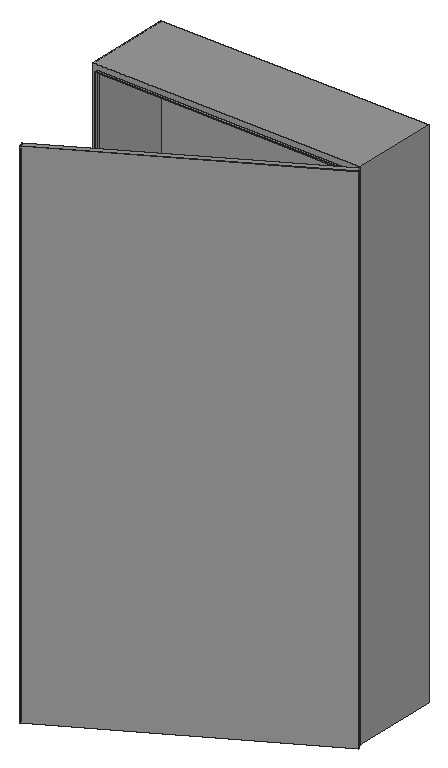
Revit family "Hager-Univers-IP55-D275-H1550-Cl.I-Steel_encl-NoHosted-NL-en", category Equipement électrique, Revit 2020
Family settings
  Configuration du panneau = Deux colonnes, circuits au sein
  Cote de connecteur circulaire = Utiliser le diamètre
  Type d'élément = Tableau de raccordement
  Basée sur le plan de construction = Oui
  Toujours verticalement = Oui
  Couper avec des vides une fois chargée = Non
  Partagée = Non
  Point de calcul de pièce = Non
Parameters (values of type "Surface mounted (plaster) IP55 W800 H1550 D275  - FR03E")
  Width Control [instance] = if([EF000008 - Width] > Min Width, [EF000008 - Width], Min Width)  # 800 mm
  Commentaires du type = [HG000003 - Range]  # "Univers"
  Thickness Door [instance] = if([EF009171 - Material plate thickness door/cover] > 3 mm, 3 mm, [EF009171 - Material plate thickness door/cover])  # 1.5 mm
  Seal Frame Offset [instance] = 17 mm  # constant formula
  Plinth Visibility [instance] = [HG000027 - Plinth height] > 0 mm  # no
  Min Width [instance] = 100 mm  # constant formula
  Min Depth [instance] = (2 * [EF009170 - Material plate thickness cabinet]) + 1 mm  # 4 mm
  Min Height [instance] = 100 mm  # constant formula
  Internal Frame Depth [instance] = (Door System Depth * 0.5)  # 9 mm
  Panel Name [instance] = ""  # (empty or 0)
  Model = ""
  HG000027 - Plinth height = 0 mm
  HG000026 - Floor standing = no
  HG000024 - Bottom section height = 600 mm
  HG000023 - Double section enclosure = no
  HG000016 - Door 3d visibility [instance] = yes
  HG000015 - Clearance visibility [instance] = no
  HG000014 - Door on the right [instance] = yes
  HG000013 - Door on the left [instance] = not([HG000014 - Door on the right])  # no
  HG000012 - Door swing angle [instance] = 30.00°
  HG000010 - Asymmetric doors = no
  HG000009 - Double swing door = no
  HG000006 - Flush mounted = no
  HG000004 - Manufacturer reference = "FR03E"
  HG000003 - Range = "Univers"
  HG000002 - With door or cover = yes
  Frame Offset Bottom [instance] = 10 mm  # constant formula
  Frame Offset [instance] = 15 mm  # constant formula
  EF015940 - Cover with overpressure release = no
  EF011959 - Degree of protection (NEMA) = ""
  EF009554 - Number of openings for flange plates = 6
  EF009212 - Cover model = "EV000116 - Closed"
  EF009171 - Material plate thickness door/cover = 1.5 mm
  EF009170 - Material plate thickness cabinet = 1.5 mm
  EF008873 - Nominal current (In) = 800 A
  EF007800 - Suitable for lightning protection = no
  EF006306 - With lock = no
  EF006244 - Transparent cover/door = no
  EF005474 - Degree of protection (IP) = "EV006420 - IP55"
  EF004464 - Type of door = "EV002646 - Single"
  EF004427 - Number of modules = 360
  EF004293 - Impact strength = "EV008784 - IK10"
  EF003532 - Suitable for outdoor use = no
  EF002950 - Width in number of modular spacings = 24
  EF001613 - Circuit integrity = "EV000494 - None"
  EF001596 - Material housing = "EV000179 - Steel"
  EF001131 - Internal depth = 275 mm
  EF001088 - Extension possible = yes
  EF000437 - Number of conduit inlets = 6
  EF000339 - Type of cover = "EV004216 - Door"
  EF000266 - Number of rows = 10
  EF000218 - Built-in depth = 0 mm
  EF000118 - With mounting plate = no
  EF000116 - RAL-number = "7035"
  EF000049 - Depth = 275 mm
  EF000040 - Height = 1550 mm
  EF000008 - Width = 800 mm
  EF000007 - Colour = "EV000270 - Grey"
  EF000003 - Mounting method = "EV000384 - Surface mounted (plaster)"
  Door System Leaf Tolerance [instance] = 1.5 mm  # constant formula
  Door System Depth [instance] = 18 mm  # constant formula
  Door Height [instance] = Height Control - [HG000027 - Plinth height]  # 1550 mm
  Description = ""
  Default Elevation = 1219.2 mm
  Connector Offset [instance] = Height Control / 2  # 775 mm
  Fabricant = "Hager"  # constant formula
  Height Control [instance] = if([EF000040 - Height] > Min Height, [EF000040 - Height], Min Height)  # 1550 mm
  Depth Control [instance] = if([EF000049 - Depth] > Min Depth, [EF000049 - Depth], Min Depth)  # 275 mm
  Bottom Top Plate Trim [instance] = 1.5 mm  # constant formula
  Plinth height Ctrl [instance] = if([HG000027 - Plinth height] > 0 mm, [HG000027 - Plinth height], 12 mm)  # 12 mm
Types (5, lengths in mm): name | Width Control | HG000010 - Asymmetric doors | HG000009 - Double swing door | HG000004 - Manufacturer reference | EF009554 - Number of openings for flange plates | EF004464 - Type of door | EF004427 - Number of modules | EF000437 - Number of conduit inlets | EF000008 - Width
  Surface mounted (plaster) IP55 W1050 H1550 D275  - FR04E | 1050 | no | yes | "FR04E" | 8 | "EV003602 - Double" | 480 | 8 | 1050
  Surface mounted (plaster) IP55 W1300 H1550 D275  - FR05E | 1300 | yes | yes | "FR05E" | 10 | "EV003602 - Double" | 600 | 10 | 1300
  Surface mounted (plaster) IP55 W300 H1550 D275  - FR01E | 300 | no | no | "FR01E" | 2 | "EV002646 - Single" | 120 | 2 | 300
  Surface mounted (plaster) IP55 W550 H1550 D275  - FR02E | 550 | no | no | "FR02E" | 4 | "EV002646 - Single" | 240 | 4 | 550
  Surface mounted (plaster) IP55 W800 H1550 D275  - FR03E | 800 | no | no | "FR03E" | 6 | "EV002646 - Single" | 360 | 6 | 800
Reference planes
  plane 1 "Center (Front/Back)": y = 0
  plane 2: z = 0
  plane 3 "Center (Left/Right)": x = 0
  plane 4: y = 0
  plane 5: y = 0
  plane 6: z = 0
  plane 7: x = -400
  plane 8: x = 400
  plane 9: x = 398.5
  plane 10: x = -398.5
  plane 11: z = 0
  plane 12: z = 1.5
  plane 13: y = -275
  plane 14: y = -1.5
  plane 15: x = 0
  plane 16: y = -257
  plane 17: y = -273.5
  plane 18: y = -255.5
  plane 19: x = -383.5
  plane 20: x = 383.5
  plane 21: z = 11.5
  plane 22: x = -383
  plane 23: x = 383
  plane 24: z = 0
  plane 25: z = 1550
  plane 26: z = 1550
  plane 27: z = 1533.5
  plane 28: z = 1548.5
Forms (mm)
  Extrusion 1, solid, material "Hager_Steel_RAL7035_Light_Grey", detail levels medium+fine
    sketch origin (-208.679, -4572, 0) x (-1, 0, 0) y (0, -1, 0)
      loop
        line (191.321, -4315) -> (-608.679, -4315) -> (-608.679, -4572) -> (191.321, -4572) -> (191.321, -4315)
    from 0 to 1550
  Extrusion 2, void
    sketch origin (-350.771, -275, 1219.2) x (1, 0, 0) y (0, 0, 1)
      loop
        line (-47.729, 329.3) -> (-47.729, -1217.7) -> (749.271, -1217.7) -> (749.271, 329.3) -> (-47.729, 329.3)
    from -19.5 to -273.5
  Extrusion 3, void
    sketch origin (-290.084, -257, 1219.2) x (1, 0, 0) y (0, 0, 1)
      loop
        line (-93.416, -1207.7) -> (673.584, -1207.7) -> (673.584, 314.3) -> (-93.416, 314.3) -> (-93.416, -1207.7)
    from 0 to -1.5
  Extrusion 4, solid, material "Hager_Steel_RAL7035_Light_Grey", visible <- "Plinth Visibility", detail levels medium+fine
    sketch origin (0, 0, 0) x (1, 0, 0) y (0, 1, 0)
      loop
        line (-400, 0) -> (-400, -257) -> (400, -257) -> (400, 0) -> (-400, 0)
    from 0 to 12 <- "Plinth height Ctrl"
  Extrusion 5, solid, material "Hager_Steel_RAL7035_Light_Grey", detail levels coarse
    sketch origin (0, 0, 0) x (1, 0, 0) y (0, 1, 0)
      loop
        line (-400, 0) -> (-400, -275) -> (400, -275) -> (400, 0) -> (-400, 0)
    from 0 to 1550 <- "Height Control"
  Sweep 6, void
    path in 3D
      loop
        line (-400, -257, 12) -> (400, -257, 12) -> (400, 0, 12) -> (-400, 0, 12) -> (-400, -257, 12)
    profile origin (-400, -128.5, 12) x (1, 0, 0) y (0, 0, 1)
      loop
        line (0, 0) -> (0, -1.5) -> (1.5, -1.5)
        arc (1.5, -1.5) -> (1.061, -0.439) -> (0, 0) r 1.5
  Extrusion 7, solid, material "Hager_Steel_RAL7035_Light_Grey", detail levels fine
    sketch origin (-400, -257, 0) x (1, 0, 0) y (0, 0, 1)
      loop
        line (16.5, 11.5) -> (783.5, 11.5) -> (783.5, 1533.5) -> (16.5, 1533.5) -> (16.5, 11.5)
      loop
        line (15, 10) -> (785, 10) -> (785, 1535) -> (15, 1535) -> (15, 10)
    from 0 to 9 <- "Internal Frame Depth"
Cuts and joins
  Extrusion 2, Extrusion 3 cuts Extrusion 1
  Sweep 6 cuts Extrusion 4
Lines and regions (mm)
  Masking region 1
    outline origin (0, 0, 0) x (1, 0, 0) y (0, 1, 0)
      loop
        line (-400, 0) -> (-400, -275) -> (400, -275) -> (400, 0) -> (-400, 0)
  Masking region 2, detail levels coarse
    outline origin (-290.084, -257, 1219.2) x (-1, 0, 0) y (0, 0, 1)
      loop
        line (-690.084, -1219.2) -> (109.916, -1219.2) -> (109.916, 330.8) -> (-690.084, 330.8) -> (-690.084, -1219.2)
  Masking region 3, detail levels coarse
    outline origin (0, 0, 0) x (0, 1, 0) y (0, 0, 1)
      loop
        line (0, 0) -> (0, 1550) -> (-275, 1550) -> (-275, 0) -> (0, 0)
  Masking region 4, visible <- "Plinth Visibility", detail levels medium+fine
    outline origin (0, 0, 0) x (0, 1, 0) y (0, 0, 1)
      loop
        line (-1.5, 12) -> (-255.5, 12)
        arc (-255.5, 12) -> (-255.939, 10.939) -> (-257, 10.5) r 1.5
        line (-257, 10.5) -> (-257, 0) -> (0, 0) -> (0, 10.5)
        arc (0, 10.5) -> (-1.061, 10.939) -> (-1.5, 12) r 1.5
  Masking region 5, detail levels medium+fine
    outline origin (0, 0, 594.038) x (0, 1, 0) y (0, 0, 1)
      loop
        line (0, -594.038) -> (0, 955.962) -> (-257, 955.962) -> (-257, -594.038) -> (0, -594.038)
  Masking region 6, detail levels medium+fine
    outline origin (-359.7, -257, 1211.883) x (-1, 0, 0) y (0, 0, 1)
      loop
        line (-759.7, -1211.883) -> (40.3, -1211.883) -> (40.3, 338.117) -> (-759.7, 338.117) -> (-759.7, -1211.883)
  Masking region 7, visible <- "Plinth Visibility", detail levels medium+fine
    outline origin (-320.334, -257, 1041.368) x (-1, 0, 0) y (0, 0, 1)
      loop
        line (-720.334, -1041.368) -> (79.666, -1041.368) -> (79.666, -1030.868)
        arc (79.666, -1030.868) -> (78.606, -1030.429) -> (78.166, -1029.368) r 1.5
        line (78.166, -1029.368) -> (-718.834, -1029.368)
        arc (-718.834, -1029.368) -> (-719.273, -1030.429) -> (-720.334, -1030.868) r 1.5
        line (-720.334, -1030.868) -> (-720.334, -1041.368)
  sketch lines
    curve 1: line (-400, 0, 12) -> (-400, -257, 12)
    curve 2: line (-400, -257, 12) -> (400, -257, 12)
    curve 3: line (400, 0, 12) -> (-400, 0, 12)
    curve 4: line (400, -257, 12) -> (400, 0, 12)
Dimensions and locks
  locked: plane 1 "Center (Front/Back)" to plane 5
  "EF009170 - Material plate thickness cabinet": plane 7 to plane 10
  "EF009170 - Material plate thickness cabinet": plane 8 to plane 9
  equal spacing: plane 7, plane 3 "Center (Left/Right)", plane 8
  "Width Control": plane 7 to plane 8
  "Depth Control": plane 4 to plane 13
  "EF009170 - Material plate thickness cabinet": plane 4 to plane 14
  "Height Control": plane 25 to level
  "HG000027 - Plinth height": plane 11 to level
  "EF009170 - Material plate thickness cabinet": plane 12 to plane 11
  "EF009170 - Material plate thickness cabinet": plane 17 to plane 13
  "EF009170 - Material plate thickness cabinet": plane 18 to plane 16
  "Frame Offset Bottom": plane 21 to plane 12
  "Frame Offset": plane 10 to plane 19
  "Frame Offset": plane 9 to plane 20
  "Door System Depth": plane 16 to plane 13
  "Seal Frame Offset": plane 7 to plane 22
  "Seal Frame Offset": plane 8 to plane 23
  "EF009170 - Material plate thickness cabinet": plane 26 to plane 28
  "Frame Offset": plane 28 to plane 27
  "Connector Offset": plane 2 to connector elem
  "Bottom Top Plate Trim": profile plane to Sweep 6 sketch curve
  "Bottom Top Plate Trim": Sweep 6 sketch curve to Sweep 6 sketch curve
  "Plinth height Ctrl": Masking region 4 sketch curve to level
  "Plinth height Ctrl": Masking region 7 sketch curve to level
  "Thickness Door": Extrusion 7 sketch curve to Extrusion 7 sketch curve  (x4)
  "Bottom Top Plate Trim": radius of Sweep 6 sketch curve
  "Bottom Top Plate Trim": radius of Masking region 4 sketch curve  (x2)
  "Bottom Top Plate Trim": radius of Masking region 7 sketch curve  (x2)
  aligned and locked: Extrusion 2 sketch curve to plane 12
  aligned and locked: Extrusion 2 sketch curve to plane 9
  aligned and locked: Extrusion 2 sketch curve to plane 10
  aligned and locked: Extrusion 2 to plane 14
  aligned and locked: Extrusion 1 sketch curve to plane 4
  aligned and locked: plane 8 to Extrusion 1 sketch curve
  aligned and locked: plane 7 to Extrusion 1 sketch curve
  aligned and locked: Extrusion 2 to plane 18
  aligned and locked: Extrusion 3 sketch curve to plane 19
  aligned and locked: plane 20 to Extrusion 3 sketch curve
  aligned and locked: Extrusion 3 to Extrusion 2
  aligned and locked: Extrusion 3 sketch curve to plane 21
  aligned and locked: plane 3 "Center (Left/Right)" to nested 1
  aligned and locked: Extrusion 1 sketch curve to plane 16
  aligned and locked: Extrusion 4 sketch curve to cut or joined group of Extrusion 1, Extrusion 2, Extrusion 3
  aligned and locked: Masking region 1 sketch curve to plane 7
  aligned and locked: Masking region 1 sketch curve to plane 5
  aligned and locked: Masking region 1 sketch curve to plane 8
  aligned and locked: Masking region 2 sketch curve to level
  aligned and locked: level to Masking region 3 sketch curve
  aligned and locked: plane 1 "Center (Front/Back)" to Masking region 3 sketch curve
  aligned and locked: plane 13 to Masking region 3 sketch curve
  aligned and locked: plane 5 to Masking region 4 sketch curve
  aligned and locked: Masking region 2 sketch curve to plane 8
  aligned and locked: Masking region 2 sketch curve to plane 7
  aligned and locked: plane 7 to nested 2
  aligned and locked: nested 2 to plane 5
  aligned and locked: plane 5 to Masking region 5 sketch curve
  aligned and locked: plane 26 to Masking region 5 sketch curve
  aligned and locked: Extrusion 5 sketch curve to plane 8
  aligned and locked: Extrusion 5 sketch curve to plane 7
  aligned and locked: Extrusion 5 sketch curve to plane 5
  aligned and locked: Extrusion 3 sketch curve to plane 27
  aligned and locked: Extrusion 2 sketch curve to plane 28
  aligned and locked: Masking region 2 to plane 25
  aligned and locked: Extrusion 4 to plane 16
  aligned and locked: profile plane to Sweep 6 sketch curve
  aligned and locked: Masking region 5 sketch curve to plane 24
  aligned and locked: level to Masking region 4 sketch curve
  aligned and locked: Masking region 1 to plane 13
  aligned and locked: nested 1 to plane 16
  aligned and locked: Masking region 3 to plane 25
  aligned and locked: plane 16 to Masking region 4 sketch curve
  aligned and locked: Masking region 5 sketch curve to plane 16
  aligned and locked: plane 24 to plane 11
  aligned and locked: plane 26 to plane 25
  aligned and locked: plane 26 to cut or joined group of Extrusion 1, Extrusion 2, Extrusion 3
  aligned and locked: nested 1 to plane 24
  aligned and locked: Extrusion 1 to Extrusion 3
  aligned and locked: Masking region 6 sketch curve to plane 8
  aligned and locked: Masking region 6 sketch curve to plane 24
  aligned and locked: Masking region 6 sketch curve to plane 7
  aligned and locked: Masking region 6 sketch curve to plane 26
  aligned and locked: Masking region 7 sketch curve to plane 7
  aligned and locked: level to Masking region 7 sketch curve
  aligned and locked: Masking region 7 sketch curve to plane 8
  aligned and locked: Extrusion 7 sketch curve to cut or joined group of Extrusion 1, Extrusion 2, Extrusion 3  (x4)
Automatic sketch dimensions
  plane 19 to Extrusion 3 sketch curve = 0 mm
  Extrusion 3 sketch curve to plane 20 = 0 mm
  Extrusion 3 sketch curve to plane 21 = 0 mm
  Extrusion 4 sketch curve to plane 7 = 0 mm
  Extrusion 4 sketch curve to plane 8 = 0 mm
  Extrusion 4 sketch curve to plane 16 = 0 mm
  Masking region 1 sketch curve to plane 13 = 0 mm
  Masking region 2 sketch curve to plane 25 = 0 mm
  Masking region 3 sketch curve to plane 25 = 0 mm
  Extrusion 5 sketch curve to plane 13 = 0 mm
  profile plane to Sweep 6 sketch curve = 0 mm
Nested families
  nested 1: "EC000058_Univers_Door" at (0, -257, 0), Double <- "HG000009 - Double swing door", Transparent <- "EF006244 - Transparent cover/door", Angle <- "HG000012 - Door swing angle", Door_Right <- "HG000014 - Door on the right", Assymetrical <- "HG000010 - Asymmetric doors", Door <- "HG000002 - With door or cover", Width_Ctrl <- "Width Control", 3d_Door <- "HG000016 - Door 3d visibility", Clearance <- "HG000015 - Clearance visibility", Door_Left <- "HG000013 - Door on the left", Width <- "Width Control", Door_Depth <- "Door System Depth", Leaf_Tolerance <- "Door System Leaf Tolerance", Height <- "Door Height", Lock_Visibility <- "EF006306 - With lock", Thickness <- "Thickness Door", type "EC000058_Univers_Door", detail levels medium+fine
    with min_wh 4 mm, Width_Ctrl 800 mm, Width 800 mm, Transparent no, Thickness 1.5 mm, Seal_Material Hager_Rubber, Lock_Visibility no, Lock_Material Hager_Plastic_RAL9005_Jet_Black, Leaf_Width 800 mm, Leaf_Tolerance_External_Sides 0 mm, Leaf_Tolerance 1.5 mm, Leaf_Offset 0 mm, Leaf_Height 1547 mm, Leaf_2_Width 800 mm, Leaf_2_Offset 400 mm, Leaf_1_Width 800 mm, Leaf_1_Offset 400 mm, Height_Ctrl 1550 mm, Height 1550 mm, Glass_Material Hager_Glass, Double_Clearance_Ctrl no, Double no, Door_Right_Ctrl yes, Door_Right yes, Door_Material Hager_Steel_RAL7035_Light_Grey, Door_Left_Ctrl no, Door_Left no, Door_Depth 18 mm, Door yes, Clearance_Material Hager_Clearance, Clearance_Depth 800 mm, Clearance_Ctrl no, Clearance no, Assymetrical no, Angle 30.00°, 3d_Door yes
  nested 2: "Hager_Enclosure_Symbol" at (-400, 0, 0), Height <- "Depth Control", Width <- "Width Control", type "Hager_Enclosure_Symbol"
    with Width_Ctrl 800 mm, Width 800 mm, Height_Ctrl 275 mm, Height 275 mm, A_Width_Int 18.047 mm, A_Width 216.562 mm, A_Height_Ctrl 240.625 mm, A_Height 240.625 mm
Connectors
  electrical at (0, 0, 775)
    settings: on plane 1 "Center (Front/Back)", index 1, voltage 0 V, apparent load 0 VA, apparent load phase1 0 VA, apparent load phase2 0 VA, apparent load phase3 0 VA, power factor 1, load classification "Other", number of poles 1, system type 30, power factor state 1, is connector primary yes, connector utility no, sub classification motor no, connector description ""
Definition of nested family "EC000058_Univers_Door"
  Parameters (values of type "EC000058_Univers_Door")
    min_wh [instance] = (2 * Thickness) + 1 mm  # 11 mm
    Width_Ctrl [instance] = 400 mm
    Width [instance] = 500 mm
    Transparent [instance] = yes
    Thickness [instance] = 5 mm
    Seal_Material [instance] = none
    Lock_Visibility [instance] = yes
    Lock_Material [instance] = none
    Leaf_Width [instance] = if((Width_Ctrl - 2 * Leaf_Tolerance_External_Sides) > 0 mm, (Width_Ctrl - 2 * Leaf_Tolerance_External_Sides), min_wh)  # 400 mm
    Leaf_Tolerance_External_Sides [instance] = 0 mm  # constant formula
    Leaf_Tolerance [instance] = 1.5 mm
    Leaf_Offset [instance] = 0 mm  # constant formula
    Leaf_Height [instance] = if((Height_Ctrl - 2 * Leaf_Tolerance) > 0 mm, (Height_Ctrl - 2 * Leaf_Tolerance), min_wh)  # 497 mm
    Leaf_2_Width [instance] = if(and(and(Double, Assymetrical), Door_Left), (Leaf_Width / 3) - (Leaf_Tolerance / 2), if(and(and(Double, Assymetrical), Door_Right), (Leaf_Width / 3) * 2 - (Leaf_Tolerance / 2), if(and(Double, not(Assymetrical)), (Leaf_Width / 2) - Leaf_Tolerance, Leaf_Width)))  # 400 mm
    Leaf_2_Offset [instance] = if(and(Double, Assymetrical), Leaf_2_Width / 2, if(and(Double, not(Assymetrical)), Leaf_Width / 4, Leaf_Width / 2))  # 200 mm
    Leaf_1_Width [instance] = if(and(and(Double, Assymetrical), Door_Right), (Leaf_Width / 3) - (Leaf_Tolerance / 2), if(and(and(Double, Assymetrical), Door_Left), (Width / 3) * 2 - (Leaf_Tolerance / 2), if(and(Double, not(Assymetrical)), (Leaf_Width / 2) - Leaf_Tolerance, Leaf_Width)))  # 400 mm
    Leaf_1_Offset [instance] = if(and(Double, Assymetrical), Leaf_1_Width / 2, if(and(Double, not(Assymetrical)), Leaf_Width / 4, Leaf_Width / 2))  # 200 mm
    Height_Ctrl [instance] = if(Height > min_wh, Height, min_wh)  # 500 mm
    Height [instance] = 500 mm
    Glass_Material [instance] = none
    Double_Clearance_Ctrl [instance] = and(Double, Clearance)  # no
    Double [instance] = no
    Door_Right_Ctrl [instance] = and(or(Door_Right, Double), Door)  # yes
    Door_Right [instance] = yes
    Door_Material [instance] = none
    Door_Left_Ctrl [instance] = and(or(Door_Left, Double), Door)  # no
    Door_Left [instance] = no
    Door_Depth [instance] = 30 mm
    Door [instance] = yes
    Default Elevation = 1219.2 mm
    Clearance_Material [instance] = none
    Clearance_Depth [instance] = if(Leaf_1_Width > Leaf_2_Width, Leaf_1_Width, Leaf_2_Width)  # 400 mm
    Clearance_Ctrl [instance] = and(not(Double), Clearance)  # yes
    Clearance [instance] = yes
    Assymetrical [instance] = yes
    Angle [instance] = 30.00°
    3d_Door [instance] = yes
  Reference planes
    plane 1 "Center (Front/Back)": y = 0
    plane 2 "Bottom": z = 0
    plane 3 "Center (Left/Right)": x = 0
    plane 4: z = 500
    plane 5: x = -200
    plane 6: x = 200
    plane 7: z = 500
    plane 8: x = -200
    plane 9: z = 0
    plane 10: x = 200
    plane 11: y = 0
    plane 12: z = 1.5
    plane 13: x = -600
    plane 14: y = -400
    plane 15: x = 600
    plane 16: x = 0
    plane 17: x = 0
    plane 18: x = -200
    plane 19: x = 200
    plane 20: z = 498.5
  Forms (mm)
    Extrusion 1, solid, material <- "Clearance_Material", visible <- "Double_Clearance_Ctrl"
      sketch origin (1200, 0, 0) x (1, 0, 0) y (0, 0, -1)
        loop
          line (-1800, -498.5) -> (-600, -498.5) -> (-600, 0) -> (-1800, 0) -> (-1800, -498.5)
      from 0 to -400
  Dimensions and locks
    equal spacing: plane 5, plane 3 "Center (Left/Right)", plane 6
    "Width_Ctrl": plane 5 to plane 6
    "Leaf_Offset": plane 5 to plane 8
    "Leaf_Offset": plane 6 to plane 10
    "Leaf_Offset": plane 9 to level
    "Leaf_Offset": plane 4 to plane 7
    "Height_Ctrl": plane 4 to level
    "Leaf_Tolerance": plane 12 to plane 9
    locked: plane 11 to plane 1 "Center (Front/Back)"
    "Leaf_1_Offset": plane 18 to plane 16
    "Leaf_2_Offset": plane 17 to plane 19
    "Leaf_1_Width": plane 13 to plane 8
    "Leaf_2_Width": plane 10 to plane 15
    "Clearance_Depth": plane 14 to plane 1 "Center (Front/Back)"
    "Leaf_Tolerance_External_Sides": plane 8 to plane 18
    "Leaf_Tolerance_External_Sides": plane 19 to plane 10
    "Leaf_Tolerance": plane 7 to plane 20
    aligned and locked: level to plane 2 "Bottom"
    aligned and locked: nested 1 to plane 16
    aligned and locked: nested 2 to plane 17
    aligned and locked: Extrusion 1 to plane 13
    aligned and locked: plane 15 to Extrusion 1
    aligned and locked: Extrusion 1 to plane 14
    aligned and locked: plane 12 to nested 1
    aligned and locked: nested 2 to plane 12
    aligned and locked: Extrusion 1 to plane 11
    aligned and locked: plane 20 to Extrusion 1
    aligned and locked: nested 2 to plane 11
    aligned and locked: nested 1 to plane 11
  Automatic sketch dimensions
    Extrusion 1 sketch curve to level = 0 mm
    plane 5 to Extrusion 1 sketch curve = 400 mm
    plane 6 to Extrusion 1 sketch curve = 400 mm
    Extrusion 1 sketch curve to plane 4 = 1.5 mm
  Nested families
    nested 1: "EC000058_Univers_Door_Leaf" at (0, 0, 1.5), Width <- "Leaf_1_Width", visible <- "Door_Left_Ctrl", Leaf_Height <- "Leaf_Height", Angle <- "Angle", 3d_Door <- "3d_Door", Transparent <- "Transparent", Clearance Material <- "Clearance_Material", Clearance <- "Clearance_Ctrl", Door_Material <- "Door_Material", Glass_Material <- "Glass_Material", Door_Depth <- "Door_Depth", Lock_Material <- "Lock_Material", Seal_Material <- "Seal_Material", Lock_Visibility <- "Lock_Visibility", Thickness <- "Thickness", type "EC000058_Univers_Door_Leaf"
      with Width 400 mm, Transparent_Glass_Offset 30 mm, Transparent_Ctrl yes, Transparent yes, Thickness 5 mm, Standard no, Seal_Material none, Seal_D2 8 mm, Seal_D1 1 mm, Offset_Internal_Frame 10 mm, Lock_Width 20 mm, Lock_Visibility_3d yes, Lock_Visibility yes, Lock_Thickness_3 3 mm, Lock_Thickness_2 1 mm, Lock_Thickness_1 3 mm, Lock_Radius_Offset_2 16 mm, Lock_Radius_Offset_1 15 mm, Lock_Radius_2 5 mm, Lock_Radius 6 mm, Lock_Offset 5 mm, Lock_Material none, Lock_Height 80 mm, Lock_Cover_Top_Offset_2d 17 mm, Lock_Cover_Height -65 mm, Leaf_Height 497 mm, Internal_Seal_Thickness 8 mm, Internal_Seal_Depth_2 4.5 mm, Internal_Frame_Depth 25 mm, Glass_Thickness -1 mm, Glass_Offset -2 mm, Glass_Material none, Door_Material none, Door_Depth 30 mm, Clearance Material none, Clearance yes, Angle_Ctrl 30.00°, Angle 30.00°, 3d_Door yes
    nested 2: "EC000058_Univers_Door_Leaf" at (0, 0, 1.5) x (-1, 0, 0) z (0, 0, 1), Width <- "Leaf_2_Width", visible <- "Door_Right_Ctrl", Leaf_Height <- "Leaf_Height", Angle <- "Angle", 3d_Door <- "3d_Door", Transparent <- "Transparent", Clearance Material <- "Clearance_Material", Clearance <- "Clearance_Ctrl", Door_Material <- "Door_Material", Glass_Material <- "Glass_Material", Door_Depth <- "Door_Depth", Lock_Material <- "Lock_Material", Seal_Material <- "Seal_Material", Lock_Visibility <- "Lock_Visibility", Thickness <- "Thickness", type "EC000058_Univers_Door_Leaf"
      with Width 400 mm, Transparent_Glass_Offset 30 mm, Transparent_Ctrl yes, Transparent yes, Thickness 5 mm, Standard no, Seal_Material none, Seal_D2 8 mm, Seal_D1 1 mm, Offset_Internal_Frame 10 mm, Lock_Width 20 mm, Lock_Visibility_3d yes, Lock_Visibility yes, Lock_Thickness_3 3 mm, Lock_Thickness_2 1 mm, Lock_Thickness_1 3 mm, Lock_Radius_Offset_2 16 mm, Lock_Radius_Offset_1 15 mm, Lock_Radius_2 5 mm, Lock_Radius 6 mm, Lock_Offset 5 mm, Lock_Material none, Lock_Height 80 mm, Lock_Cover_Top_Offset_2d 17 mm, Lock_Cover_Height -65 mm, Leaf_Height 497 mm, Internal_Seal_Thickness 8 mm, Internal_Seal_Depth_2 4.5 mm, Internal_Frame_Depth 25 mm, Glass_Thickness -1 mm, Glass_Offset -2 mm, Glass_Material none, Door_Material none, Door_Depth 30 mm, Clearance Material none, Clearance yes, Angle_Ctrl 30.00°, Angle 30.00°, 3d_Door yes
  Definition of nested family "EC000058_Univers_Door_Leaf"
    Parameters (values of type "EC000058_Univers_Door_Leaf")
      Width [instance] = 2000 mm
      Transparent_Glass_Offset [instance] = 30 mm
      Transparent_Ctrl [instance] = and(Transparent, [3d_Door])  # yes
      Transparent [instance] = yes
      Thickness [instance] = 5 mm
      Standard [instance] = and(not(Transparent), [3d_Door])  # no
      Seal_Material [instance] = none
      Seal_D2 [instance] = 8 mm  # constant formula
      Seal_D1 [instance] = 1 mm  # constant formula
      Offset_Internal_Frame [instance] = 10 mm  # constant formula
      Lock_Width [instance] = 20 mm  # constant formula
      Lock_Visibility_3d [instance] = and(Lock_Visibility, [3d_Door])  # yes
      Lock_Visibility [instance] = yes
      Lock_Thickness_3 [instance] = 3 mm  # constant formula
      Lock_Thickness_2 [instance] = 1 mm  # constant formula
      Lock_Thickness_1 [instance] = 3 mm  # constant formula
      Lock_Radius_Offset_2 [instance] = Lock_Radius_Offset_1 + 1 mm  # 16 mm
      Lock_Radius_Offset_1 [instance] = 15 mm  # constant formula
      Lock_Radius_2 [instance] = Lock_Radius - 1 mm  # 5 mm
      Lock_Radius [instance] = 6 mm  # constant formula
      Lock_Offset [instance] = 5 mm  # constant formula
      Lock_Material [instance] = none
      Lock_Height [instance] = 80 mm  # constant formula
      Lock_Cover_Top_Offset_2d [instance] = Lock_Radius_Offset_2 + 1 mm  # 17 mm
      Lock_Cover_Height [instance] = -(Lock_Height - Lock_Radius_Offset_1)  # -65 mm
      Leaf_Height [instance] = 2720.336 mm
      Internal_Seal_Thickness [instance] = 8 mm  # constant formula
      Internal_Seal_Depth_2 [instance] = 4.5 mm  # constant formula
      Internal_Frame_Depth [instance] = if(Door_Depth - Thickness > 5 mm, Door_Depth - Thickness, 5 mm)  # 25 mm
      Glass_Thickness [instance] = if(Thickness > 15 mm, Glass_Offset + 10 mm, -1 mm)  # -1 mm
      Glass_Offset [instance] = if(Thickness > 15 mm, -(Thickness + 10 mm) / 2, -2 mm)  # -2 mm
      Glass_Material [instance] = none
      Door_Material [instance] = none
      Door_Depth [instance] = 30 mm
      Default Elevation = 0 mm
      Clearance Material [instance] = none
      Clearance [instance] = yes
      Angle_Ctrl [instance] = if(Angle > 180.00°, 180.00°, Angle)  # 90.00°
      Angle [instance] = 90.00°
      3d_Door [instance] = yes
    Reference planes
      plane 1 "Center (Front/Back)": y = 0
      plane 2: z = 0
      plane 3 "Center (Left/Right)": x = 0
      plane 4: y = 2000
      plane 5: x = -1000
      plane 6: x = 1000
      plane 7: x = -3000
      plane 8: z = 2720.336
      plane 9: z = 30
      plane 10: z = 2690.336
      plane 11: x = 970
      plane 12: x = -970
      plane 13: y = -3
      plane 14: z = 107.833
      plane 15: y = -5
      plane 16: y = -223.314
      plane 17: x = -1000
      plane 18: z = 1360.168
      plane 19: y = 30
    Forms (mm)
      Extrusion 1, solid, material <- "Clearance Material", visible <- "Clearance"
        sketch origin (0, 0, 0) x (1, 0, 0) y (0, 0, 1)
          loop
            line (-3000, 2720.336) -> (-3000, 0) -> (1000, 0) -> (1000, 2720.336) -> (-3000, 2720.336)
        from 0 to -2000
      Extrusion 2, solid, material <- "Door_Material", visible <- "Standard", detail levels medium+fine
        sketch origin (-1000, 0, 0) x (0, 1, 0) y (-1, 0, 0)
          loop
            line (0, 30) -> (0, 25) -> (2000, 25) -> (2000, 30) -> (0, 30)
        from 0 to 2720.336 <- "Leaf_Height"
      Extrusion 3, solid, material <- "Door_Material", visible <- "Transparent_Ctrl", detail levels medium+fine
        sketch origin (-1000, 0, 0) x (0, 1, 0) y (-1, 0, 0)
          loop
            line (0, 25) -> (2000, 25) -> (2000, 30) -> (0, 30) -> (0, 25)
        from 0 to 2720.336 <- "Leaf_Height"
      Extrusion 4, void
        sketch origin (-1025, 2000, 0) x (0, 1, 0) y (0, 0, -1)
          loop
            line (-30, -2690.336) -> (-30, -30) -> (-1970, -30) -> (-1970, -2690.336) -> (-30, -2690.336)
        from 0 to 5 <- "Thickness"
      Sweep 5, solid, material <- "Seal_Material", visible <- "Transparent_Ctrl", detail levels fine
        path in 3D
          loop
            line (-1025, 30, 30) -> (-1025, 30, 2690.336) -> (-1025, 1970, 2690.336) -> (-1025, 1970, 30) -> (-1025, 30, 30)
        profile origin (-1025, 1000, 30) x (1, 0, 0) y (0, 0, 1)
          loop
            line (0, 0) -> (0, -8) -> (1, -8) -> (1, 0) -> (0, 0)
      Extrusion 6, solid, material <- "Glass_Material", visible <- "Transparent_Ctrl", detail levels medium+fine
        sketch origin (-1030, 0, 0) x (0, 1, 0) y (0, 0, -1)
          loop
            line (1970, -2690.336) -> (1970, -30) -> (30, -30) -> (30, -2690.336) -> (1970, -2690.336)
        from -2 <- "Glass_Offset" to -1 <- "Glass_Thickness"
      Extrusion 7, solid, material <- "Door_Material", visible <- "3d_Door", detail levels medium+fine
        sketch origin (-1025, 2000, 0) x (0, -1, 0) y (0, 0, -1)
          loop
            line (0, -2720.336) -> (2000, -2720.336) -> (2000, 0) -> (0, 0) -> (0, -2720.336)
          loop
            line (1995, -5) -> (5, -5) -> (5, -2715.336) -> (1995, -2715.336) -> (1995, -5)
        from 0 to 25 <- "Internal_Frame_Depth"
      Sweep 8, solid, material <- "Seal_Material", visible <- "Transparent_Ctrl", detail levels fine
        path in 3D
          loop
            line (-1025, 0, 0) -> (-1025, 2000, 0) -> (-1025, 2000, 2720.336) -> (-1025, 0, 2720.336) -> (-1025, 0, 0)
        profile origin (-1025, 0, 1360.168) x (1, 0, 0) y (0, 1, 0)
          loop
            line (0, 10) -> (2.975, 10)
            arc (2.975, 10) -> (4.053, 10.447) -> (4.5, 11.525) r 1.525
            line (4.5, 11.525) -> (4.5, 16.527)
            arc (4.5, 16.527) -> (4.069, 17.569) -> (3.027, 18) r 1.473
            line (3.027, 18) -> (0, 18) -> (0, 10)
      Extrusion 9, solid, material <- "Lock_Material", visible <- "Lock_Visibility_3d", detail levels fine
        sketch origin (-1030, 0, 0) x (0, 1, 0) y (0, 0, -1)
          loop
            arc (1993.5, -1400.168) -> (1994.561, -1399.729) -> (1995, -1398.668) r 1.5
            line (1995, -1398.668) -> (1995, -1320.168) -> (1975, -1320.168) -> (1975, -1398.668)
            arc (1975, -1398.668) -> (1975.439, -1399.729) -> (1976.5, -1400.168) r 1.5
            line (1976.5, -1400.168) -> (1993.5, -1400.168)
        from 3 <- "Lock_Thickness_1" to 0
      Blend 10, solid, material <- "Lock_Material", visible <- "Lock_Visibility_3d", detail levels fine
        base sketch origin (-1033, 0, 0) x (0, 1, 0) y (0, 0, -1)
          loop
            line (1975, -1320.168) -> (1975, -1398.668)
            arc (1975, -1398.668) -> (1975.439, -1399.729) -> (1976.5, -1400.168) r 1.5
            line (1976.5, -1400.168) -> (1993.5, -1400.168)
            arc (1993.5, -1400.168) -> (1994.561, -1399.729) -> (1995, -1398.668) r 1.5
            line (1995, -1398.668) -> (1995, -1320.168) -> (1975, -1320.168)
        top sketch origin (-1033, 0, 0) x (0, 1, 0) y (0, 0, -1)
          loop
            line (1976, -1320.168) -> (1976, -1398.668)
            arc (1976, -1398.668) -> (1976.146, -1399.022) -> (1976.5, -1399.168) r 0.5
            line (1976.5, -1399.168) -> (1993.5, -1399.168)
            arc (1993.5, -1399.168) -> (1993.854, -1399.022) -> (1994, -1398.668) r 0.5
            line (1994, -1398.668) -> (1994, -1320.168) -> (1976, -1320.168)
        from 0 to 1 <- "Lock_Thickness_2"
      Blend 11, solid, material <- "Lock_Material", visible <- "Lock_Visibility_3d", detail levels fine
        base sketch origin (-1034, 0, 0) x (0, 1, 0) y (0, 0, -1)
          loop
            line (1978, -1320.168) -> (1978, -1384.168)
            arc (1978, -1384.168) -> (1985, -1391.168) -> (1992, -1384.168) r 7
            line (1992, -1384.168) -> (1992, -1320.168) -> (1978, -1320.168)
        top sketch origin (-1034, 0, 0) x (0, 1, 0) y (0, 0, -1)
          loop
            line (1991, -1320.168) -> (1979, -1320.168) -> (1979, -1383.168)
            arc (1979, -1383.168) -> (1985, -1389.168) -> (1991, -1383.168) r 6
            line (1991, -1383.168) -> (1991, -1320.168)
        from 0 to 3 <- "Lock_Thickness_3"
      Extrusion 12, solid, material <- "Lock_Material", visible <- "Lock_Visibility_3d", detail levels fine
        sketch origin (-1030, 1975, 1320.168) x (1, 0, 0) y (0, -1, 0)
          loop
            line (-7, -19) -> (-7, -1) -> (0, -1) -> (0, 0) -> (-8, 0) -> (-8, -20) -> (0, -20) -> (0, -19) -> (-7, -19)
        from 0 to -65 <- "Lock_Cover_Height"
      Extrusion 13, void
        sketch origin (-1038, 1995, 1320.168) x (-1, 0, 0) y (0, 0, -1)
          loop
            line (-5, -65) -> (0, -65) -> (-5, -60) -> (-5, -65)
        from 0 to 20 <- "Lock_Width"
      Extrusion 14, void
        sketch origin (-1038, 1975, 1320.168) x (0, -1, 0) y (0, 0, -1)
          loop
            circle (-10, -15.995) r 6
          loop
            circle (-10, -15.995) r 5
        from 0 to 2
      Extrusion 15, solid, material <- "Lock_Material", visible <- "Lock_Visibility_3d", detail levels medium
        sketch origin (-1030, 0, 0) x (0, 1, 0) y (0, 0, -1)
          loop
            arc (1993.5, -1400.168) -> (1994.561, -1399.729) -> (1995, -1398.668) r 1.5
            line (1995, -1398.668) -> (1995, -1320.168) -> (1975, -1320.168) -> (1975, -1398.668)
            arc (1975, -1398.668) -> (1975.439, -1399.729) -> (1976.5, -1400.168) r 1.5
            line (1976.5, -1400.168) -> (1993.5, -1400.168)
        from 8 to 0
    Cuts and joins
      Extrusion 4 cuts Extrusion 3
      Extrusion 13, Extrusion 14 cuts Extrusion 9
      Extrusion 14 cuts Blend 11
      Extrusion 13, Extrusion 14 cuts Extrusion 12
      joined: Extrusion 9, Blend 10, Blend 11, Extrusion 12
      Extrusion 14 cuts Extrusion 15
    Lines and regions (mm)
      Masking region 1, visible <- "Lock_Visibility", detail levels fine
        outline origin (0, 0, 0) x (0, 1, 0) y (0, 0, 1)
          loop
            line (30, 1320.168) -> (33, 1320.168) -> (33, 1400.168) -> (30, 1400.168) -> (30, 1320.168)
      Masking region 2, visible <- "Lock_Visibility", detail levels fine
        outline origin (0, 3.143, 0) x (0, 1, 0) y (0, 0, 1)
          loop
            line (29.857, 1354.168) -> (30.857, 1354.168) -> (30.857, 1366.168) -> (29.857, 1366.168) -> (29.857, 1354.168)
      Masking region 3, detail levels medium+fine
        outline origin (0, 0, 0) x (0, 1, 0) y (0, 0, 1)
          loop
            line (0, 0) -> (30, 0) -> (30, 2720.336) -> (0, 2720.336) -> (0, 0)
      Masking region 4, detail levels medium+fine
        outline origin (0, 0, 0) x (1, 0, 0) y (0, 0, 1)
          loop
            line (-1000, 2720.336) -> (-1000, 0) -> (1000, 0) -> (1000, 2720.336) -> (-1000, 2720.336)
      Masking region 5, visible <- "Lock_Visibility", detail levels fine
        outline origin (-47.116, 0, 0) x (1, 0, 0) y (0, 0, 1)
          loop
            arc (1024.616, 1399.168) -> (1023.556, 1398.729) -> (1023.116, 1397.668) r 1.5
            line (1023.116, 1397.668) -> (1023.116, 1320.168) -> (1041.116, 1320.168) -> (1041.116, 1397.668)
            arc (1041.116, 1397.668) -> (1040.677, 1398.729) -> (1039.616, 1399.168) r 1.5
            line (1039.616, 1399.168) -> (1024.616, 1399.168)
      Masking region 6, visible <- "Lock_Visibility", detail levels medium+fine
        outline origin (-25, 0, 0) x (1, 0, 0) y (0, 0, 1)
          loop
            arc (1001.5, 1400.168) -> (1000.439, 1399.729) -> (1000, 1398.668) r 1.5
            line (1000, 1398.668) -> (1000, 1320.168) -> (1020, 1320.168) -> (1020, 1398.668)
            arc (1020, 1398.668) -> (1019.561, 1399.729) -> (1018.5, 1400.168) r 1.5
            line (1018.5, 1400.168) -> (1001.5, 1400.168)
      Masking region 7, visible <- "Lock_Visibility", detail levels fine
        outline origin (-73.735, 0, 0) x (1, 0, 0) y (0, 0, 1)
          loop
            line (1051.735, 1382.168) -> (1065.735, 1382.168) -> (1065.735, 1384.168)
            arc (1065.735, 1384.168) -> (1058.735, 1391.168) -> (1051.735, 1384.168) r 7
            line (1051.735, 1384.168) -> (1051.735, 1382.168)
      Masking region 8, visible <- "Lock_Visibility", detail levels fine
        outline origin (-73.735, 0, 0) x (1, 0, 0) y (0, 0, 1)
          loop
            line (1052.735, 1382.168) -> (1064.735, 1382.168) -> (1064.735, 1383.168)
            arc (1064.735, 1383.168) -> (1058.735, 1389.168) -> (1052.735, 1383.168) r 6
            line (1052.735, 1383.168) -> (1052.735, 1382.168)
      Masking region 9, visible <- "Lock_Visibility", detail levels fine
        outline origin (-25, 0, 0) x (1, 0, 0) y (0, 0, 1)
          loop
            line (1020, 1320.168) -> (1020, 1382.168) -> (1000, 1382.168) -> (1000, 1320.168) -> (1020, 1320.168)
      Masking region 10, detail levels medium+fine
        outline origin (0, 0, 0) x (1, 0, 0) y (0, 0, 1)
          loop
            circle (985, 1335.144) r 6
      Masking region 11, detail levels fine
        outline origin (0, 0, 0) x (1, 0, 0) y (0, 0, 1)
          loop
            circle (985, 1335.144) r 5
      Masking region 12, visible <- "Lock_Visibility", detail levels fine
        outline origin (0, 12.767, 0) x (0, 1, 0) y (0, 0, 1)
          loop
            line (20.233, 1320.168) -> (21.233, 1320.168) -> (21.233, 1399.168) -> (20.233, 1400.168) -> (20.233, 1320.168)
      Masking region 13, visible <- "Lock_Visibility", detail levels fine
        outline origin (0, 13.767, -10) x (0, 1, 0) y (0, 0, 1)
          loop
            line (20.233, 1330.168) -> (23.233, 1330.168) -> (23.233, 1399.168) -> (20.233, 1402.168) -> (20.233, 1330.168)
      Masking region 14, visible <- "Lock_Visibility", detail levels fine
        outline origin (0, 12.767, -10) x (0, 1, 0) y (0, 0, 1)
          loop
            line (20.233, 1330.168) -> (25.233, 1330.168) -> (25.233, 1399.305) -> (20.233, 1394.305) -> (20.233, 1330.168)
      Masking region 15, visible <- "Lock_Visibility", detail levels medium
        outline origin (0, 0, 0) x (0, 1, 0) y (0, 0, 1)
          loop
            line (30, 1320.168) -> (38, 1320.168) -> (38, 1400.168) -> (30, 1400.168) -> (30, 1320.168)
      Masking region 16, visible <- "Lock_Visibility", detail levels fine
        outline origin (-1000, 0, 0) x (0, 1, 0) y (-1, 0, 0)
          loop
            line (1975, 30) -> (1995, 30) -> (1995, 38) -> (1975, 38) -> (1975, 30)
          loop
            line (1979, 37) -> (1976, 37) -> (1976, 34) -> (1978, 34) -> (1979, 37)
          loop
            line (1994, 37) -> (1991, 37) -> (1992, 34) -> (1994, 34) -> (1994, 37)
      Masking region 17, visible <- "Lock_Visibility", detail levels medium
        outline origin (-1000, 0, 0) x (0, 1, 0) y (-1, 0, 0)
          loop
            line (1975, 30) -> (1995, 30) -> (1995, 38) -> (1975, 38) -> (1975, 30)
      symbolic lines
        curve 1: line (1000, 0, 0) -> (-3000, 0, 0)
        curve 2: arc (1000, 0, 0) -> (-1000, 2000, 0) -> (-3000, 0, 0) r 2000
        curve 4: line (-1030, 0, 0) -> (-1030, 2000, 0)
      reference lines
        curve 3: line (-1000, 0, 0) -> (-1000, 2000, 0)
      symbolic lines, detail levels medium+fine
        curve 5: line (-1030, 2000, 0) -> (-1025, 2000, 0)
        curve 7: line (-1025, 0, 0) -> (-1030, 0, 0)
        curve 8: line (-1025, 0, 0) -> (-1000, 0, 0)
        curve 9: line (-1000, 0, 0) -> (-1000, 2000, 0)
        curve 10: line (-1000, 2000, 0) -> (-1025, 2000, 0)
      symbolic lines, detail levels fine
        curve 6: line (-1025, 2000, 0) -> (-1025, 0, 0)
      sketch lines
        curve 11: line (-1025, 0, 2720.336) -> (-1025, 0, 0)
        curve 12: line (-1025, 2000, 0) -> (-1025, 0, 0)
        curve 13: line (-1025, 2000, 2720.336) -> (-1025, 2000, 0)
        curve 14: line (-1025, 0, 2720.336) -> (-1025, 2000, 2720.336)
        curve 15: line (-1025, 1970, 30) -> (-1025, 30, 30)
        curve 16: line (-1025, 30, 30) -> (-1025, 30, 2690.336)
        curve 17: line (-1025, 1970, 2690.336) -> (-1025, 1970, 30)
        curve 18: line (-1025, 30, 2690.336) -> (-1025, 1970, 2690.336)
      symbolic lines, visible <- "Transparent", detail levels medium+fine
        curve 19: line (-970, 0, 2690.336) -> (970, 0, 2690.336)
        curve 20: line (-970, 0, 30) -> (-970, 0, 2690.336)
        curve 21: line (970, 0, 30) -> (-970, 0, 30)
        curve 22: line (970, 0, 2690.336) -> (970, 0, 30)
    Dimensions and locks
      "Width": plane 1 "Center (Front/Back)" to plane 4
      equal spacing: plane 5, plane 3 "Center (Left/Right)", plane 6
      "Width": plane 5 to plane 6
      "Width": plane 7 to plane 5
      "Leaf_Height": plane 8 to level
      "Width": curve 5 to curve 3
      "Width": curve 3 to curve 3
      plane 8 to plane 10 = 30 mm
      plane 9 to level = 30 mm
      plane 12 to plane 5 = 30 mm
      plane 6 to plane 11 = 30 mm
      Extrusion 1 to Extrusion 4 sketch curve = 30 mm
      "Transparent_Glass_Offset": curve 3 to Extrusion 4 sketch curve
      "Transparent_Glass_Offset": Extrusion 4 sketch curve to cut or joined group of Extrusion 3, Extrusion 4  (x2)
      cut or joined group of Extrusion 3, Extrusion 4 to Extrusion 6 sketch curve = 30 mm
      "Transparent_Glass_Offset": cut or joined group of Extrusion 3, Extrusion 4 to Extrusion 4 sketch curve
      "Thickness": curve 6 to curve 4
      "Thickness": Extrusion 7 sketch curve to Extrusion 7 sketch curve  (x4)
      "Door_Depth": curve 4 to curve 3
      "Offset_Internal_Frame": profile plane to Sweep 8 sketch curve
      "Internal_Seal_Thickness": Sweep 8 sketch curve to Sweep 8 sketch curve
      "Internal_Seal_Depth_2": profile plane to Sweep 8 sketch curve
      "Seal_D1": profile plane to Sweep 5 sketch curve
      "Seal_D2": profile plane to Sweep 5 sketch curve
      "Thickness": Extrusion 2 sketch curve to Extrusion 2 sketch curve
      equal spacing: Extrusion 9 sketch curve, plane 18, Extrusion 9 sketch curve  (x2)
      equal spacing: Masking region 1 sketch curve, plane 18, Masking region 1 sketch curve
      "Lock_Height": Masking region 1 sketch curve to Masking region 1 sketch curve
      "Lock_Radius": Masking region 2 sketch curve to plane 18 to Masking region 2 sketch curve
      Masking region 2 sketch curve to Masking region 1 = 1 mm
      "Door_Depth": plane 19 to plane 1 "Center (Front/Back)"
      "Lock_Thickness_1": Masking region 1 sketch curve to plane 19
      "Lock_Width": Extrusion 9 sketch curve to Extrusion 9 sketch curve
      "Lock_Height": Extrusion 9 sketch curve to Extrusion 9 sketch curve
      "Lock_Offset": cut or joined group of Extrusion 3, Extrusion 4 to Extrusion 9 sketch curve
      equal spacing: plane 8, plane 18, level
      "Lock_Radius_Offset_1": Blend 11 sketch curve to Blend 10
      locked: Blend 10 to Blend 11 sketch curve at 2  (x2)
      locked: var sketch to Blend 11 sketch curve at 1  (x2)
      "Lock_Radius_Offset_2": Blend 11 sketch curve to Blend 10
      locked: Extrusion 12 sketch curve to Extrusion 12 sketch curve at 1  (x3)
      Masking region 6 sketch curve to Masking region 6 sketch curve = 80 mm
      "Lock_Height": Masking region 6 sketch curve to Masking region 6 sketch curve
      "Lock_Width": Masking region 6 sketch curve to Masking region 6 sketch curve
      locked: Masking region 6 to Masking region 5 sketch curve at 1  (x3)
      locked: Masking region 5 to Masking region 7 sketch curve at 2  (x2)
      "Lock_Radius_Offset_1": Masking region 5 to Masking region 7 sketch curve
      "Lock_Radius_Offset_2": Masking region 5 to Masking region 8 sketch curve
      locked: Masking region 7 to Masking region 8 sketch curve at 1  (x2)
      "Lock_Cover_Top_Offset_2d": Masking region 5 to Masking region 9 sketch curve
      equal spacing: Masking region 9, Masking region 10 sketch curve, Masking region 9
      equal spacing: Masking region 9, Masking region 11 sketch curve, Masking region 9
      Extrusion 15 sketch curve to Extrusion 15 sketch curve = 80 mm
      "Lock_Width": Extrusion 15 sketch curve to Extrusion 15 sketch curve
      "Lock_Height": Extrusion 15 sketch curve to Extrusion 15 sketch curve
      equal spacing: Extrusion 15 sketch curve, plane 18, Extrusion 15 sketch curve
      "Lock_Thickness_3": Masking region 13 sketch curve to Masking region 13 sketch curve
      "Lock_Height": Masking region 12 sketch curve to Masking region 12 sketch curve
      locked: Masking region 13 sketch curve to Masking region 1 at 8
      locked: Masking region 14 sketch curve to Masking region 13 at 1
      locked: Masking region 14 sketch curve to Masking region 1 at 10.863
      "Lock_Height": Masking region 15 sketch curve to Masking region 15 sketch curve
      "Lock_Offset": Extrusion 15 sketch curve to cut or joined group of Extrusion 3, Extrusion 4
      "Lock_Offset": plane 6 to Masking region 6 sketch curve
      radius of Sweep 8 sketch curve = 1.525 mm
      radius of Sweep 8 sketch curve = 1.473 mm
      radius of Extrusion 9 sketch curve = 1.5 mm  (x2)
      "Lock_Radius": radius of Extrusion 14 sketch curve
      "Lock_Radius_2": radius of Extrusion 14 sketch curve
      "Lock_Radius": radius of Masking region 10 sketch curve
      "Lock_Radius_2": radius of Masking region 11 sketch curve
      radius of Extrusion 15 sketch curve = 1.5 mm  (x2)
      "Angle_Ctrl": angle plane 1 "Center (Front/Back)" to curve 3
      locked: Masking region 12 sketch curve to Masking region 12 sketch curve (angle 45.00°)
      locked: Masking region 13 sketch curve to Masking region 13 sketch curve (angle 45.00°)
      locked: Masking region 14 sketch curve to Masking region 14 sketch curve (angle 45.00°)
      aligned and locked: level to plane 2
      aligned and locked: Extrusion 1 to curve 1
      aligned and locked: plane 6 to Extrusion 1
      aligned and locked: Extrusion 1 to plane 1 "Center (Front/Back)"
      aligned and locked: plane 4 to Extrusion 1
      aligned and locked: plane 8 to Extrusion 1
      aligned and locked: curve 7 to Extrusion 2 sketch curve
      aligned and locked: curve 5 to Extrusion 2 sketch curve
      aligned and locked: curve 7 to Extrusion 3 sketch curve
      aligned and locked: Extrusion 3 sketch curve to curve 4
      aligned and locked: Extrusion 3 sketch curve to curve 6
      aligned and locked: Extrusion 3 sketch curve to curve 5
      aligned and locked: curve 9 to curve 3
      aligned and locked: Extrusion 7 sketch curve to cut or joined group of Extrusion 3, Extrusion 4  (x4)
      aligned and locked: plane 17 to curve 3
      aligned and locked: plane 1 "Center (Front/Back)" to curve 3
      aligned and locked: plane 17 to plane 5
      aligned and locked: Sweep 8 sketch curve to profile plane
      aligned and locked: Sweep 5 sketch curve to profile plane  (x2)
      aligned and locked: Masking region 1 to Masking region 2 sketch curve
      aligned and locked: plane 19 to Masking region 1 sketch curve
      aligned and locked: plane 1 "Center (Front/Back)" to Masking region 3 sketch curve
      aligned and locked: plane 19 to Masking region 3 sketch curve
      aligned and locked: level to Masking region 3 sketch curve
      aligned and locked: Masking region 3 sketch curve to plane 8
      aligned and locked: plane 17 to Masking region 4 sketch curve
      aligned and locked: level to Masking region 4 sketch curve
      aligned and locked: Masking region 4 sketch curve to plane 8
      aligned and locked: plane 12 to curve 20
      aligned and locked: plane 10 to curve 19
      aligned and locked: plane 11 to curve 22
      aligned and locked: curve 21 to plane 9
      aligned and locked: Extrusion 2 sketch curve to cut or joined group of Extrusion 3, Extrusion 4
      aligned and locked: Blend 10 sketch curve to Extrusion 9  (x4)
      aligned and locked: Extrusion 9 to Blend 10 sketch curve
      aligned and locked: Blend 10 to Blend 11 sketch curve
      aligned and locked: Extrusion 12 sketch curve to Blend 11
      aligned and locked: Extrusion 12 sketch curve to Extrusion 9  (x4)
      aligned and locked: Masking region 5 sketch curve to Masking region 6
      aligned and locked: Masking region 9 sketch curve to Masking region 6  (x3)
      aligned and locked: Masking region 12 sketch curve to Masking region 1
      aligned and locked: Masking region 13 sketch curve to Masking region 1
      aligned and locked: Masking region 12 to Masking region 14
      aligned and locked: Masking region 14 sketch curve to Masking region 1
      aligned and locked: Masking region 15 sketch curve to Masking region 14
      aligned and locked: Masking region 13 sketch curve to Masking region 12
      aligned and locked: Masking region 16 sketch curve to cut or joined group of Extrusion 14, Extrusion 15  (x4)
      aligned and locked: Masking region 16 sketch curve to cut or joined group of Extrusion 9, Blend 10, Blend 11, Extrusion 12, Extrusion 13, Extrusion 14  (x6)
      aligned and locked: cut or joined group of Extrusion 9, Blend 10, Blend 11, Extrusion 12, Extrusion 13, Extrusion 14 to Masking region 16 sketch curve
      aligned and locked: Masking region 17 sketch curve to cut or joined group of Extrusion 14, Extrusion 15  (x3)
      aligned and locked: Masking region 17 sketch curve to cut or joined group of Extrusion 9, Blend 10, Blend 11, Extrusion 12, Extrusion 13, Extrusion 14
      aligned and locked: Masking region 9 to Masking region 8 sketch curve
      aligned and locked: Masking region 9 to Masking region 7 sketch curve
    Automatic sketch dimensions
      plane 1 "Center (Front/Back)" to curve 2 = 0 mm
      curve 2 to plane 5 = 0 mm
      Extrusion 1 sketch curve to level = 0 mm
      Extrusion 1 sketch curve to plane 7 = 0 mm
      Extrusion 1 sketch curve to plane 6 = 0 mm
      Extrusion 1 sketch curve to plane 8 = 0 mm
      Extrusion 3 to Extrusion 6 sketch curve = 30 mm  (x4)
      Masking region 4 sketch curve to plane 6 = 0 mm
      Blend 10 sketch curve to Extrusion 9 = 1.5 mm
      Blend 10 sketch curve to Extrusion 9 = 1 mm
      Extrusion 13 sketch curve to Extrusion 12 = 0 mm  (x2)
      Extrusion 12 to Extrusion 13 sketch curve = 3 mm
      Extrusion 13 sketch curve to Extrusion 12 = 5 mm
      Extrusion 14 sketch curve to Extrusion 14 sketch curve = 0 mm  (x2)
      Extrusion 14 sketch curve to Extrusion 12 = 10 mm
      Extrusion 14 sketch curve to Extrusion 12 = 15.995 mm
      Masking region 5 sketch curve to Masking region 5 sketch curve = 1.5 mm  (x2)
      Masking region 10 sketch curve to plane 18 = 25.024 mm
      Masking region 11 sketch curve to plane 18 = 25.024 mm
      plane 19 to Masking region 14 sketch curve = 3 mm
      Masking region 16 sketch curve to Masking region 16 sketch curve = 3 mm
      curve 4 to curve 3 = 0 mm
      Blend 10 to Blend 11 sketch curve = 0 mm
      Masking region 6 sketch curve to Masking region 6 sketch curve = 1.5 mm  (x2)
      Masking region 6 sketch curve to plane 18 = 40 mm
      plane 19 to Masking region 12 sketch curve = 3 mm
      Masking region 12 sketch curve to Masking region 12 sketch curve = 1 mm
      Masking region 15 sketch curve to plane 19 = 0 mm
      Masking region 15 sketch curve to plane 18 = 40 mm
      radius of Blend 10 sketch curve to Extrusion 9 = 1 mm
Definition of nested family "Hager_Enclosure_Symbol"
  Parameters (values of type "Hager_Enclosure_Symbol")
    Width_Ctrl [instance] = if(Width > 1 mm, Width, 1 mm)  # 102.27 mm
    Width [instance] = 102.27 mm
    Height_Ctrl [instance] = if(Height > 1 mm, Height, 1 mm)  # 66.5 mm
    A_Width_Int [instance] = if(A_Width / 12 > 2 mm, A_Width / 12, 2 mm)  # 4.364 mm
    A_Width [instance] = if(A_Height_Ctrl * 0.9 > 2 mm, A_Height_Ctrl * 0.9, 2 mm)  # 52.369 mm
    A_Height_Ctrl [instance] = if(A_Height > 2 mm, A_Height, 2 mm)  # 58.188 mm
    Height [instance] = 66.5 mm
    A_Height [instance] = Height - (Height / 8)  # 58.188 mm
  Reference planes
    plane 1 "Centre (avant/arrière)": y = 0
    plane 2: z = 0
    plane 3 "Centre (gauche/droite)": x = 0
    plane 4: x = 52.369
    plane 5: y = 33.042
    plane 6: y = 41.77
    plane 7: y = 66.5
    plane 8: x = 26.184
    plane 9: y = 37.406
    plane 10: x = 102.27
    plane 11: y = 66.5
    plane 12: y = 8.313
  Lines and regions (mm)
    Filled region 1, type "Solid_Black", in view "Niveau de réf."
      outline origin (0, 0, 0) x (1, 0, 0) y (0, 1, 0)
        loop
          line (52.369, 66.5) -> (33.188, 54.536) -> (45.365, 45.006) -> (52.369, 66.5)
    Filled region 2, type "Solid_Black", in view "Niveau de réf."
      outline origin (0, 0, 0) x (1, 0, 0) y (0, 1, 0)
        loop
          line (0, 0) -> (102.27, 0) -> (102.27, 66.5) -> (0, 0)
    detail lines, in view "Niveau de réf."
      curve 1: line (0, 8.313, 0) -> (26.184, 41.77, 0)
      curve 2: line (26.184, 41.77, 0) -> (26.184, 33.042, 0)
      curve 3: line (26.184, 33.042, 0) -> (52.369, 66.5, 0)
  Dimensions and locks
    "A_Width": plane 3 "Centre (gauche/droite)" to plane 4
    equal spacing: plane 3 "Centre (gauche/droite)", plane 8, plane 4
    equal spacing: plane 6, plane 9, plane 5
    equal spacing: curve 3, Filled region 1 sketch curve, Filled region 1 sketch curve
    "Height_Ctrl": plane 1 "Centre (avant/arrière)" to plane 11
    "A_Height_Ctrl": plane 11 to plane 12
    equal spacing: plane 11, plane 9, plane 12
    "A_Width_Int": plane 6 to plane 9
    "Width_Ctrl": plane 3 "Centre (gauche/droite)" to plane 10
    angle Filled region 1 sketch curve to curve 3 = 20.00°
    angle curve 3 to Filled region 1 sketch curve = 20.00°
    locked: curve 3 to Filled region 1 sketch curve (angle 90.00°)
    aligned and locked: plane 10 to Filled region 2
    aligned and locked: plane 11 to Filled region 2 sketch curve
    aligned and locked: plane 10 to Filled region 2 sketch curve
    aligned and locked: plane 3 "Centre (gauche/droite)" to curve 1
    aligned and locked: plane 12 to curve 1
    aligned and locked: plane 7 to plane 11
  Automatic sketch dimensions
    Filled region 1 sketch curve to plane 4 = 0 mm
    Filled region 1 sketch curve to plane 7 = 0 mm
    plane 1 "Centre (avant/arrière)" to Filled region 2 sketch curve = 0 mm
    Filled region 2 sketch curve to plane 3 "Centre (gauche/droite)" = 0 mm
    curve 2 to plane 6 = 0 mm
    curve 2 to plane 8 = 0 mm
    curve 3 to plane 4 = 0 mm
    curve 2 to plane 5 = 0 mm
    curve 3 to plane 7 = 0 mm
